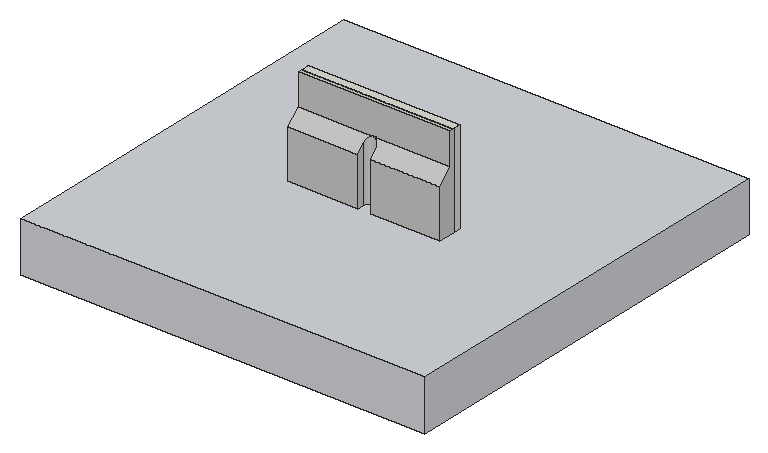
Revit family
Parameters (values of type "9110-WM-MC-FLR-3673-CTR-NFD")
  Waste Connection = no
  WFU = 0
  Voltage = 0
  Vent Connection = no
  URL = "http://www.neo-metro.com"
  Type Comments = ""
  Tempered Water Connection = no
  S - Satin Frame Finish = no
  S - Satin Basin Finish = no
  Revised Date = "07/19/11"
  RH - Basin Offset Right = no
  RDC13 (Canary) - Deck Material (Resin) = no
  RDC12 (Blueberry) - Deck Material (Resin) = no
  RDC11 (Tangerine Dream) - Deck Material (Resin) = no
  RDC10 (Blanco Solid Srf.) - Deck Material (Resin) = no
  RDC09 (Green Apple) - Deck Material (Resin) = no
  RDC07 (Wineberry) - Deck Material (Resin) = no
  RDC06 (Cranjuice) - Deck Material (Resin) = no
  RDC05 (Skye) - Deck Material (Resin) = no
  RDC04 (Oceana) - Deck Material (Resin) = no
  RDC03 (Yokan) - Deck Material (Resin) = no
  RDC02 (Stealth Fog) - Deck Material (Resin) = no
  RDC01 (Cloud Nine) - Deck Material (Resin) = no
  RDC00 (Custom) - Deck Material (Resin) = no
  Phone# = "626-336-4561"
  OF - Overflow Waste Outlet = no
  NMF-3-S - Wall Spout/Deck Control (Satin) = no
  NMF-3-HP - Wall Spout/Deck Control (High Polish) = no
  NMF-2-S - Deck Spout w/ Dual Control (Satin) = no
  NMF-2-HP - Deck Spout w/ Dual Control (High Polish) = no
  NMF-1-S - Wall Spout/2 Deck Controls (Satin) = no
  NMF-1-HP - Wall Spout/2 Deck Controls (High Polish) = no
  NFD - No Faucet Drilling = yes
  Model = "9110-WM-MC-FLR-3673-CTR-NFD"
  Material = Stainless Steel
  Manufacturer = "Neo-Metro"
  MC-FLR - Commercial Floor Mounted Arm/Carrier = yes
  MC - Standard Arm/Wall Mounted Carrier = no
  LH - Basin Offset Left = no
  LGT-220V - Under-counter Lighting = no
  LGT - Under-counter Lighting = no
  HWFU = 0
  HW Connection = no
  HP - High Polish Frame Finish = no
  HP - High Polish Basin Finish = no
  FBO - Faucet by Others = no
  EG-22 - Black Frame Finish = no
  EG-22 - Black Basin Finish = no
  EG-10 - White Frame Finish = no
  EG-10 - White Basin Finish = no
  Designed By = "ATS BIM Team"
  Description = "36\" Ebb Concept Wall Mounted"
  Default Elevation = 34"
  DML-SO-BAT - Deck Mounted "L" Spout_Sensor Op_Battery = no
  DML-SO - Deck Mounted "L" Spout_Sensor Op = no
  DMJ-SO-BAT - Deck Mounted "J" Spout_Sensor Op_Battery = no
  DMJ-SO - Deck Mounted "J" Spout_Sensor Op = no
  CWFU = 0
  CW Connection = no
  CTR - Basin Offset Center = yes
  Assembly Code = ""
  Amperage = 0
  3673 - Satin Shallow Ebb Basin = yes
  3670 - Satin Deep Ebb Basin = no
Reference planes (in)
  plane 1 "Center (Front/Back)": y = 0
  plane 2: z = 0
  plane 3 "Center (Left/Right)": x = 0
  plane 4: y = -34
  plane 5: z = 11.5
  plane 6: z = 18
  plane 7: x = 1
  plane 8: x = -13
  plane 9: z = 4
  plane 10: z = 18
  plane 11: z = 4
  plane 12: y = -1
Forms (in)
  Extrusion 1, solid
    sketch origin (0, 0, 0) x (1, 0, 0) y (0, 1, 0)
      loop
        line (-48, 48) -> (-48, -48) -> (48, -48) -> (48, 48) -> (-48, 48)
    from 0 to -12
  Extrusion 2, solid, material "Satin"
    sketch origin (-6, 0, 0) x (1, 0, 0) y (0, 0, 1)
      loop
        line (24, 0) -> (24, 21.96875)
        arc (24, 21.96875) -> (23.99085, 21.99085) -> (23.96875, 22) r 0.03125
        line (23.96875, 22) -> (-11.96875, 22)
        arc (-11.96875, 22) -> (-11.99085, 21.99085) -> (-12, 21.96875) r 0.03125
        line (-12, 21.96875) -> (-12, 0) -> (24, 0)
    from 0 to 2
  Extrusion 3, solid, material "Stainless Steel" <- "Material"
    sketch origin (-6, 0, 0) x (0, 1, 0) y (0, 0, 1)
      loop
        line (-2, 0) -> (-2, 22) -> (-3, 22) -> (-3, 14.5) -> (-6, 11.5) -> (-6, 0) -> (-2, 0)
    from -12 to 24
  Extrusion 4, void
    sketch origin (0, 0, 0) x (1, 0, 0) y (0, 1, 0)
      loop
        line (1.5, -6) -> (1.5, -4.5)
        arc (1.5, -4.5) -> (0, -3) -> (-1.5, -4.5) r 1.5
        line (-1.5, -4.5) -> (-1.5, -6) -> (1.5, -6)
    from 0 to 14.50196
  Extrusion 5, void
    sketch origin (-4, 0, 0) x (0, -1, 0) y (0, 0, 1)
      loop
        line (0, 4) -> (2.5, 4) -> (3, 11.5) -> (3, 12.25) -> (2, 12.25) -> (2, 10.75) -> (1, 18) -> (0, 18) -> (0, 4)
    from -12.5 to 4.5
Cuts and joins
  Extrusion 4 cuts Extrusion 3
  Extrusion 5 cuts Extrusion 2
Dimensions and locks (in)
  aligned and locked: plane 2 to Extrusion 1
  aligned and locked: level to Extrusion 1
